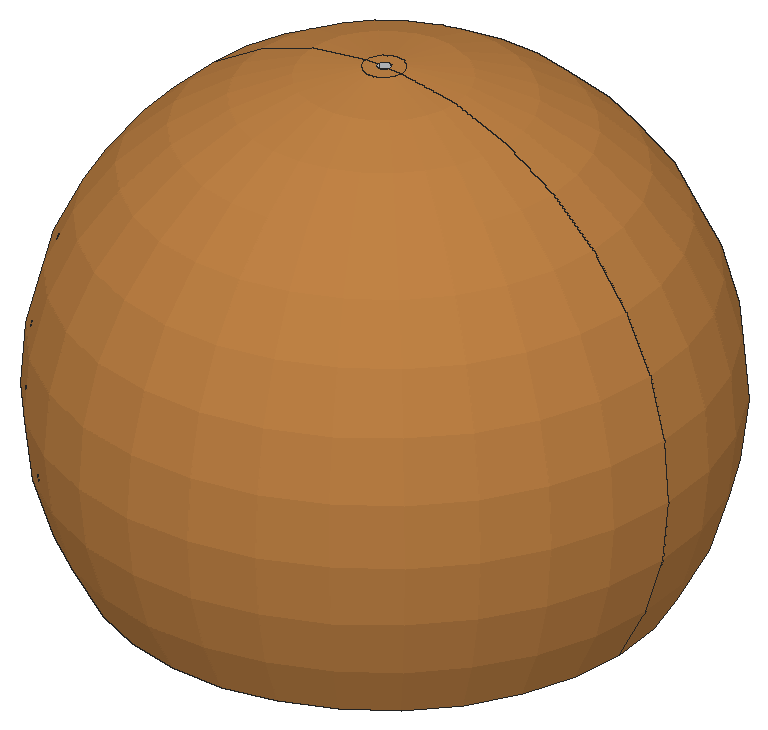
Revit family "TD12 SHADE", category Lighting Fixtures, Revit 2024
Family settings
  Round Connector Dimension = Use Diameter
  Part Type = Normal
  OmniClass Number = 23.80.70.00
  OmniClass Title = Lighting
  Work Plane-Based = No
  Always vertical = Yes
  Cut with Voids When Loaded = No
  Light Source = Yes
  Maintain Annotation Orientation = No
  Shared = No
  Room Calculation Point = No
Parameters
  Wattage = 12.1178 W
  built-in parameter 1150110 = 1 (stored number, unit not read)
  built-in parameter 1114217 = 1 (stored number, unit not read)
  built-in parameter 1150109 = 1 (stored number, unit not read)
  built-in parameter 1150134 = (empty or 0)
  built-in parameter 1150113 = 1 (stored number, unit not read)
  Lumens = 1800 lm
  built-in parameter 1150115 = 1 (stored number, unit not read)
  built-in parameter 1150105 = 572.96 (stored number, unit not read)
  Light Source Symbol Size = 2' - 0"
  built-in parameter 1150137 = (empty or 0)
  built-in parameter 1150139 = (empty or 0)
  built-in parameter 1150112 = 1 (stored number, unit not read)
  built-in parameter 1150114 = 1 (stored number, unit not read)
  built-in parameter 1150132 = 2
  built-in parameter 1150102 = (empty or 0)
  built-in parameter 1150138 = (empty or 0)
  built-in parameter 1150107 = 3000 (stored number, unit not read)
  built-in parameter 1150106 = 5.7296 (stored number, unit not read)
  built-in parameter 1150104 = 13.8 (stored number, unit not read)
  Dimming Lamp Color Temperature Shift = (empty or 0)
  Default Elevation = 0' - 0"
  Color Filter = 16777215
  built-in parameter 1114218 = 1 (stored number, unit not read)
  built-in parameter 1150133 = 10 (stored number, unit not read)
Reference planes (in)
  plane 1 "Light Source Axis (F/B)": y = 0
  plane 2: z = 0
  plane 3 "Light Source Axis (L/R)": x = 0
  plane 4 "Light Source Elevation": z = 84
Forms (in)
  Revolve 1, solid
    sketch origin (0, 0, 0) x (1, 0, 0) y (0, 0, 1)
      loop
        arc (-0.375, 93.375) -> (-5.38679, 90.01745) -> (-4.96078, 84) r 6.01161
        line (-4.96078, 84) -> (-4.84706, 84)
        arc (-4.84706, 84) -> (-5.31718, 89.94617) -> (-0.37196, 93.28125) r 5.91786
        line (-0.37196, 93.28125) -> (-0.125, 93.28125) -> (-0.125, 93.375) -> (-0.375, 93.375)
      axis (0, 84) -> (0, 93.375)
    angle from 0 to 360
Dimensions and locks (in)
  aligned and locked: plane 3 "Light Source Axis (L/R)" to imposter light
  aligned and locked: plane 1 "Light Source Axis (F/B)" to imposter light
  aligned and locked: plane 4 "Light Source Elevation" to imposter light
  aligned and locked: level to plane 2
